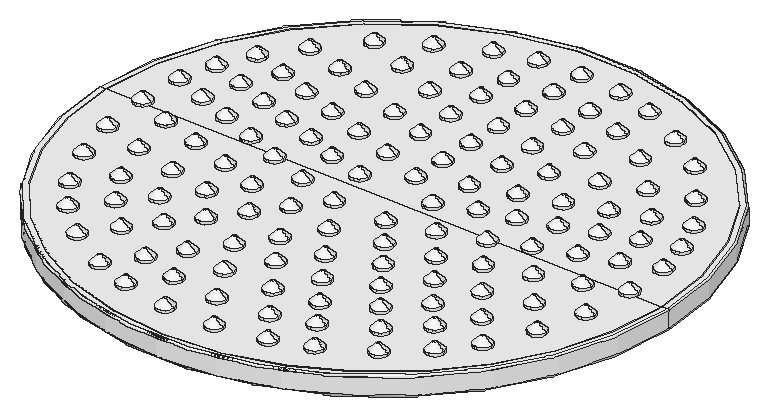
Revit family "Reece_Shower_Mizu_Drift_Overhead Shower_ABS Plastic_300 mm", category Plumbing Fixtures, host Face, Revit 2018
Family settings
  Host = Face
  Round Connector Dimension = Use Diameter
  Part Type = Normal
  Cut with Voids When Loaded = No
  Shared = No
  Room Calculation Point = No
Parameters (values of type "Chrome")
  WFU = 0  # constant formula
  URL = "https://www.reece.com.au/product/-9505909"
  Reece_Shower_Inlet = 15 mm  # constant formula
  Reece_Product_Web Page = "https://www.reece.com.au/product/-9505909"
  Reece_Product_Sub Brand = "Drift"  # constant formula
  Reece_Product_Number = "9505909"
  Reece_Product_Mount = "Ceiling Mounted"
  Reece_Product_Description = "Mizu Drift Overhead Shower 300mm ABS Chrome (3 Star)"
  Reece_Product_Brand = "Mizu"  # constant formula
  Reece_Overall_Height = 61 mm  # constant formula
  Reece_Overall-Diameter = 300 mm  # constant formula
  Reece_Material_Main = Reece_Brass_Chrome
  Reece_Detail_Material = "ABS Plastic"  # constant formula
  Reece_Detail_Disclaimer = "THIS FILE IS THE PROPERTY OF THE REECE GROUP. IT MAY NOT BE REPRODUCED, REVERSE-ENGINEERED OR MODIFIED. ANY REPUBLICATION, TRANSMISSION OR DISTRIBUTION FOR THE PURPOSE OF COMMERCIALLY EXPLOITING THE FILES IS PROHIBITED."  # constant formula
  Reece_Detail_Additional = "Overhead Shower"  # constant formula
  Model = "Drift"
  Manufacturer = "Mizu"
  Keynote = "Product #9505909, Reece_Shower_Mizu_Drift_Overhead Shower_ABS Plastic_300 mm - Chrome"
  HWFU = 0  # constant formula
  Disclaimer = "THIS FILE IS THE PROPERTY OF THE REECE GROUP. IT MAY NOT BE REPRODUCED, REVERSE-ENGINEERED OR MODIFIED. ANY REPUBLICATION, TRANSMISSION OR DISTRIBUTION FOR THE PURPOSE OF COMMERCIALLY EXPLOITING THE FILES IS PROHIBITED."  # constant formula
  Description = "Mizu Drift Overhead Shower 300mm ABS Chrome (3 Star)"
  Default Elevation = 0 mm
  CWFU = 0  # constant formula
Types (2, lengths in mm): name | URL | Reece_Product_Web Page | Reece_Product_Number | Reece_Product_Description | Reece_Material_Main | Keynote | Description
  Chrome | "https://www.reece.com.au/product/-9505909" | "https://www.reece.com.au/product/-9505909" | "9505909" | "Mizu Drift Overhead Shower 300mm ABS Chrome (3 Star)" | Reece_Brass_Chrome | "Product #9505909, Reece_Shower_Mizu_Drift_Overhead Shower_ABS Plastic_300 mm - Chrome" | "Mizu Drift Overhead Shower 300mm ABS Chrome (3 Star)"
  Matte Black | "https://www.reece.com.au/product/-9505916" | "https://www.reece.com.au/product/-9505916" | "9505916" | "Mizu Drift Overhead Shower 300mm ABS Matte Black (3 Star)" | Reece_Brass_Matte Black | "Product #9505916, Reece_Shower_Mizu_Drift_Overhead Shower_ABS Plastic_300 mm - Matte Black" | "Mizu Drift Overhead Shower 300mm ABS Matte Black (3 Star)"
Reference planes
  plane 1 "Center (Front/Back)": y = 0
  plane 2: z = 0
  plane 3 "Center (Left/Right)": x = 0
  plane 4: y = 150
  plane 5: y = -150
  plane 6: x = 150
  plane 7: x = -150
  plane 8: z = 61
  plane 9: y = 19
  plane 10: y = -19
Forms (mm)
  Revolve 1, solid, material "Reece_Brass_Chrome" <- "Reece_Material_Main"
    sketch origin (0, 0, -183.5) x (1, 0, 0) y (0, 0, 1)
      loop
        line (146.7, 240) -> (146.7, 232) -> (0, 232) -> (0, 192.5) -> (9.2, 192.5) -> (9.2, 183.5) -> (11.5, 183.5) -> (11.5, 201.514) -> (9, 202) -> (9, 204.5)
        arc (9, 204.5) -> (11.704, 205.319) -> (13.5, 207.5) r 4.875
        line (13.5, 207.5) -> (18, 207.5)
        arc (18, 207.5) -> (18.707, 207.793) -> (19, 208.5) r 1
        line (19, 208.5) -> (19, 222.5) -> (18.014, 222.5) -> (18.014, 223.5) -> (19, 223.5) -> (19, 227.914)
        arc (19, 227.914) -> (19.615, 229.399) -> (21.1, 230.014) r 2.1
        line (21.1, 230.014) -> (149.2, 230.014)
        arc (149.2, 230.014) -> (149.766, 230.248) -> (150, 230.814) r 0.8
        line (150, 230.814) -> (150, 239.2)
        arc (150, 239.2) -> (149.766, 239.766) -> (149.2, 240) r 0.8
        line (149.2, 240) -> (146.7, 240)
      loop
        line (0, 240) -> (0, 232.169) -> (146.3, 232.169) -> (146.3, 240) -> (0, 240)
      axis (0, 240) -> (0, 183.5)
    angle from 0 to 360
  Extrusion 2, void
    sketch origin (0, 0, 11.211) x (1, 0, 0) y (0, 0, 1)
      loop
        line (-4.039, 7.874) -> (-4.039, 0) -> (4.039, 0) -> (4.039, 7.874) -> (-4.039, 7.874)
    from 10.808 to 28
  Extrusion 3, void
    sketch origin (0, 0, 11.211) x (1, 0, 0) y (0, 0, -1)
      loop
        line (-4.039, -7.874) -> (4.039, -7.874) -> (4.039, 0) -> (-4.039, 0) -> (-4.039, -7.874)
    from 10.808 to 28
Cuts and joins
  Extrusion 2, Extrusion 3 cuts Revolve 1
Text (mm)
  text "Reece Copyright © 2018, Reece Ltd." at (-684.407, -223.434, 0), in view "Ref. Level"
  text "Reece Copyright © 2018, Reece Ltd." at (-193.367, 417.356, -558.507), in view "Reece_Preview"
Dimensions and locks
  equal spacing: plane 4, plane 1 "Center (Front/Back)", plane 5
  equal spacing: plane 7, plane 3 "Center (Left/Right)", plane 6
  "Reece_Overall-Diameter": plane 7 to plane 6
  plane 6 to plane 7 = 300 mm
  "Reece_Overall_Height": plane 8 to level
  "Reece_Overall-Diameter": plane 4 to plane 5
  plane 9 to plane 10 = 38 mm
  aligned and locked: plane 2 to host face
  aligned and locked: level to host face
Automatic sketch dimensions
  host sketch curve to host sketch curve = 366 mm  (x2)
  Revolve 1 sketch curve to plane 3 "Center (Left/Right)" = 0 mm  (x3)
  Revolve 1 sketch curve to level = 0 mm
  Revolve 1 sketch curve to plane 6 = 0 mm
  plane 3 "Center (Left/Right)" to Revolve 1 sketch curve = 9 mm
  plane 3 "Center (Left/Right)" to Revolve 1 sketch curve = 9.2 mm
  Revolve 1 sketch curve to Revolve 1 sketch curve = 2.3 mm
  Revolve 1 sketch curve to Revolve 1 sketch curve = 4.5 mm  (x2)
  Revolve 1 sketch curve to Revolve 1 sketch curve = 0.014 mm
  Revolve 1 sketch curve to Revolve 1 sketch curve = 0.986 mm  (x2)
  Revolve 1 sketch curve to Revolve 1 sketch curve = 2.1 mm
  Revolve 1 sketch curve to plane 6 = 3.7 mm
  Revolve 1 sketch curve to Revolve 1 sketch curve = 0.4 mm
  Revolve 1 sketch curve to plane 6 = 0.8 mm  (x2)
  level to Revolve 1 sketch curve = 9 mm
  Revolve 1 sketch curve to Revolve 1 sketch curve = 9.014 mm
  Revolve 1 sketch curve to Revolve 1 sketch curve = 0.486 mm
  Revolve 1 sketch curve to Revolve 1 sketch curve = 2.5 mm
  Revolve 1 sketch curve to Revolve 1 sketch curve = 5.986 mm
  Revolve 1 sketch curve to Revolve 1 sketch curve = 14 mm
  Revolve 1 sketch curve to Revolve 1 sketch curve = 1 mm
  Revolve 1 sketch curve to Revolve 1 sketch curve = 4.414 mm
  Revolve 1 sketch curve to Revolve 1 sketch curve = 1.186 mm
  Revolve 1 sketch curve to Revolve 1 sketch curve = 0.169 mm
  Revolve 1 sketch curve to plane 8 = 5.3 mm
  Revolve 1 sketch curve to plane 8 = 4.5 mm
  Revolve 1 sketch curve to level = 793.1 mm
  plane 8 to Revolve 1 sketch curve = 108.9 mm
  Extrusion 2 sketch curve to plane 3 "Center (Left/Right)" = 4.039 mm
  plane 3 "Center (Left/Right)" to Extrusion 2 sketch curve = 4.039 mm
  level to Extrusion 2 sketch curve = 11.211 mm
  Extrusion 2 sketch curve to Extrusion 2 sketch curve = 7.874 mm
  Extrusion 3 sketch curve to plane 3 "Center (Left/Right)" = 4.039 mm
  plane 3 "Center (Left/Right)" to Extrusion 3 sketch curve = 4.039 mm
  level to Extrusion 3 sketch curve = 19.085 mm
  Extrusion 3 sketch curve to Extrusion 3 sketch curve = 7.874 mm
Nested families
  nested 1: "Family2" at (0, 130.083, 56.5), type "Family2"
  nested 2: "Family2" at (0, 111.79, 56.5), type "Family2"
  nested 3: "Family2" at (0, 93.49, 56.5), type "Family2"
  nested 4: "Family2" at (0, 75.163, 56.5), type "Family2"
  nested 5: "Family2" at (0, 57.02, 56.5), type "Family2"
  nested 6: "Family2" at (0, 38.613, 56.5), type "Family2"
  nested 7: "Family2" at (0, 20.883, 56.5), type "Family2"
  nested 8: "Family2" at (21.597, 128.573, 56.5), type "Family2"
  nested 9: "Family2" at (41.121, 123.342, 56.5), type "Family2"
  nested 10: "Family2" at (21.514, 108.568, 56.5), type "Family2"
  nested 11: "Family2" at (41.389, 102.11, 56.5), type "Family2"
  nested 12: "Family2" at (63.726, 112.055, 56.5), type "Family2"
  nested 13: "Family2" at (21.538, 90.649, 56.5), type "Family2"
  nested 14: "Family2" at (21.538, 70.649, 56.5), type "Family2"
  nested 15: "Family2" at (21.538, 50.649, 56.5), type "Family2"
  nested 16: "Family2" at (21.538, 29.095, 56.5), type "Family2"
  nested 17: "Family2" at (19.303, 7.831, 56.5), type "Family2"
  nested 18: "Family2" at (54.213, 19.513, 56.5), type "Family2"
  nested 19: "Family2" at (71.549, 25.146, 56.5), type "Family2"
  nested 20: "Family2" at (88.371, 31.269, 56.5), type "Family2"
  nested 21: "Family2" at (105.386, 37.128, 56.5), type "Family2"
  nested 22: "Family2" at (122.666, 42.742, 56.5), type "Family2"
  nested 23: "Family2" at (127.532, 24.582, 56.5), type "Family2"
  nested 24: "Family2" at (110.035, 17.865, 56.5), type "Family2"
  nested 25: "Family2" at (92.646, 11.878, 56.5), type "Family2"
  nested 26: "Family2" at (74.134, 4.772, 56.5), type "Family2"
  nested 27: "Family2" at (56.108, -2.148, 56.5), type "Family2"
  nested 28: "Family2" at (35.217, -9.751, 56.5), type "Family2"
  nested 29: "Family2" at (13.55, -15.964, 56.5), type "Family2"
  nested 30: "Family2" at (24.663, -30.712, 56.5), type "Family2"
  nested 31: "Family2" at (48.481, -26.512, 56.5), type "Family2"
  nested 32: "Family2" at (68.012, -19.787, 56.5), type "Family2"
  nested 33: "Family2" at (88.966, -12.979, 56.5), type "Family2"
  nested 34: "Family2" at (109.918, -6.573, 56.5), type "Family2"
  nested 35: "Family2" at (128.328, 1.241, 56.5), type "Family2"
  nested 36: "Family2" at (126.055, -24.735, 56.5), type "Family2"
  nested 37: "Family2" at (104.228, -31.408, 56.5), type "Family2"
  nested 38: "Family2" at (81.597, -37.472, 56.5), type "Family2"
  nested 39: "Family2" at (60.072, -42.047, 56.5), type "Family2"
  nested 40: "Family2" at (95.198, -54.602, 56.5), type "Family2"
  nested 41: "Family2" at (119.455, -48.553, 56.5), type "Family2"
  nested 42: "Family2" at (108.89, -71.211, 56.5), type "Family2"
  nested 43: "Family2" at (72.109, -58.02, 56.5), type "Family2"
  nested 44: "Family2" at (84.176, -71.902, 56.5), type "Family2"
  nested 45: "Family2" at (96.762, -87.445, 56.5), type "Family2"
  nested 46: "Family2" at (79.485, -103.001, 56.5), type "Family2"
  nested 47: "Family2" at (68.417, -87.768, 56.5), type "Family2"
  nested 48: "Family2" at (57.069, -73.754, 56.5), type "Family2"
  nested 49: "Family2" at (46.126, -59.748, 56.5), type "Family2"
  nested 50: "Family2" at (35.358, -44.926, 56.5), type "Family2"
  nested 51: "Family2" at (11.889, -53.756, 56.5), type "Family2"
  nested 52: "Family2" at (23.193, -69.899, 56.5), type "Family2"
  nested 53: "Family2" at (34.855, -85.95, 56.5), type "Family2"
  nested 54: "Family2" at (45.199, -100.723, 56.5), type "Family2"
  nested 55: "Family2" at (56.64, -116.469, 56.5), type "Family2"
  nested 56: "Family2" at (37.513, -123.431, 56.5), type "Family2"
  nested 57: "Family2" at (25.22, -107.117, 56.5), type "Family2"
  nested 58: "Family2" at (12.723, -89.271, 56.5), type "Family2"
  nested 59: "Family2" at (-0.66, -35.591, 56.5), type "Family2"
  nested 60: "Family2" at (-0.66, -70.591, 56.5), type "Family2"
  nested 61: "Family2" at (-0.66, -109.529, 56.5), type "Family2"
  nested 62: "Family2" at (41.928, 35.72, 56.5), type "Family2"
  nested 63: "Family2" at (60.843, 41.866, 56.5), type "Family2"
  nested 64: "Family2" at (79.782, 48.387, 56.5), type "Family2"
  nested 65: "Family2" at (97.063, 54.677, 56.5), type "Family2"
  nested 66: "Family2" at (115.067, 60.181, 56.5), type "Family2"
  nested 67: "Family2" at (40.78, 57.628, 56.5), type "Family2"
  nested 68: "Family2" at (61.63, 64.807, 56.5), type "Family2"
  nested 69: "Family2" at (81.227, 72.329, 56.5), type "Family2"
  nested 70: "Family2" at (101.731, 78.209, 56.5), type "Family2"
  nested 71: "Family2" at (40.78, 80.92, 56.5), type "Family2"
  nested 72: "Family2" at (62.767, 90.253, 56.5), type "Family2"
  nested 73: "Family2" at (84.521, 99.042, 56.5), type "Family2"
  nested 74: "Family2" at (12.919, -128.211, 56.5), type "Family2"
  nested 75: "Family2" at (-21.597, 128.573, 56.5) x (-1, 0, 0) z (0, 0, 1), type "Family2"
  nested 76: "Family2" at (-41.121, 123.342, 56.5) x (-1, 0, 0) z (0, 0, 1), type "Family2"
  nested 77: "Family2" at (-21.514, 108.568, 56.5) x (-1, 0, 0) z (0, 0, 1), type "Family2"
  nested 78: "Family2" at (-41.389, 102.11, 56.5) x (-1, 0, 0) z (0, 0, 1), type "Family2"
  nested 79: "Family2" at (-63.726, 112.055, 56.5) x (-1, 0, 0) z (0, 0, 1), type "Family2"
  nested 80: "Family2" at (-21.538, 90.649, 56.5) x (-1, 0, 0) z (0, 0, 1), type "Family2"
  nested 81: "Family2" at (-21.538, 70.649, 56.5) x (-1, 0, 0) z (0, 0, 1), type "Family2"
  nested 82: "Family2" at (-21.538, 50.649, 56.5) x (-1, 0, 0) z (0, 0, 1), type "Family2"
  nested 83: "Family2" at (-21.538, 29.095, 56.5) x (-1, 0, 0) z (0, 0, 1), type "Family2"
  nested 84: "Family2" at (-19.303, 7.831, 56.5) x (-1, 0, 0) z (0, 0, 1), type "Family2"
  nested 85: "Family2" at (-54.213, 19.513, 56.5) x (-1, 0, 0) z (0, 0, 1), type "Family2"
  nested 86: "Family2" at (-71.549, 25.146, 56.5) x (-1, 0, 0) z (0, 0, 1), type "Family2"
  nested 87: "Family2" at (-88.371, 31.269, 56.5) x (-1, 0, 0) z (0, 0, 1), type "Family2"
  nested 88: "Family2" at (-105.386, 37.128, 56.5) x (-1, 0, 0) z (0, 0, 1), type "Family2"
  nested 89: "Family2" at (-122.666, 42.742, 56.5) x (-1, 0, 0) z (0, 0, 1), type "Family2"
  nested 90: "Family2" at (-127.532, 24.582, 56.5) x (-1, 0, 0) z (0, 0, 1), type "Family2"
  nested 91: "Family2" at (-110.035, 17.865, 56.5) x (-1, 0, 0) z (0, 0, 1), type "Family2"
  nested 92: "Family2" at (-92.646, 11.878, 56.5) x (-1, 0, 0) z (0, 0, 1), type "Family2"
  nested 93: "Family2" at (-74.134, 4.772, 56.5) x (-1, 0, 0) z (0, 0, 1), type "Family2"
  nested 94: "Family2" at (-56.108, -2.148, 56.5) x (-1, 0, 0) z (0, 0, 1), type "Family2"
  nested 95: "Family2" at (-35.217, -9.751, 56.5) x (-1, 0, 0) z (0, 0, 1), type "Family2"
  nested 96: "Family2" at (-13.55, -15.964, 56.5) x (-1, 0, 0) z (0, 0, 1), type "Family2"
  nested 97: "Family2" at (-24.663, -30.712, 56.5) x (-1, 0, 0) z (0, 0, 1), type "Family2"
  nested 98: "Family2" at (-48.481, -26.512, 56.5) x (-1, 0, 0) z (0, 0, 1), type "Family2"
  nested 99: "Family2" at (-68.012, -19.787, 56.5) x (-1, 0, 0) z (0, 0, 1), type "Family2"
  nested 100: "Family2" at (-88.966, -12.979, 56.5) x (-1, 0, 0) z (0, 0, 1), type "Family2"
  nested 101: "Family2" at (-109.918, -6.573, 56.5) x (-1, 0, 0) z (0, 0, 1), type "Family2"
  nested 102: "Family2" at (-128.328, 1.241, 56.5) x (-1, 0, 0) z (0, 0, 1), type "Family2"
  nested 103: "Family2" at (-126.055, -24.735, 56.5) x (-1, 0, 0) z (0, 0, 1), type "Family2"
  nested 104: "Family2" at (-104.228, -31.408, 56.5) x (-1, 0, 0) z (0, 0, 1), type "Family2"
  nested 105: "Family2" at (-81.597, -37.472, 56.5) x (-1, 0, 0) z (0, 0, 1), type "Family2"
  nested 106: "Family2" at (-60.072, -42.047, 56.5) x (-1, 0, 0) z (0, 0, 1), type "Family2"
  nested 107: "Family2" at (-95.198, -54.602, 56.5) x (-1, 0, 0) z (0, 0, 1), type "Family2"
  nested 108: "Family2" at (-119.455, -48.553, 56.5) x (-1, 0, 0) z (0, 0, 1), type "Family2"
  nested 109: "Family2" at (-108.89, -71.211, 56.5) x (-1, 0, 0) z (0, 0, 1), type "Family2"
  nested 110: "Family2" at (-72.109, -58.02, 56.5) x (-1, 0, 0) z (0, 0, 1), type "Family2"
  nested 111: "Family2" at (-84.176, -71.902, 56.5) x (-1, 0, 0) z (0, 0, 1), type "Family2"
  nested 112: "Family2" at (-96.762, -87.445, 56.5) x (-1, 0, 0) z (0, 0, 1), type "Family2"
  nested 113: "Family2" at (-79.485, -103.001, 56.5) x (-1, 0, 0) z (0, 0, 1), type "Family2"
  nested 114: "Family2" at (-68.417, -87.768, 56.5) x (-1, 0, 0) z (0, 0, 1), type "Family2"
  nested 115: "Family2" at (-57.069, -73.754, 56.5) x (-1, 0, 0) z (0, 0, 1), type "Family2"
  nested 116: "Family2" at (-46.126, -59.748, 56.5) x (-1, 0, 0) z (0, 0, 1), type "Family2"
  nested 117: "Family2" at (-35.358, -44.926, 56.5) x (-1, 0, 0) z (0, 0, 1), type "Family2"
  nested 118: "Family2" at (-11.889, -53.756, 56.5) x (-1, 0, 0) z (0, 0, 1), type "Family2"
  nested 119: "Family2" at (-23.193, -69.899, 56.5) x (-1, 0, 0) z (0, 0, 1), type "Family2"
  nested 120: "Family2" at (-34.855, -85.95, 56.5) x (-1, 0, 0) z (0, 0, 1), type "Family2"
  nested 121: "Family2" at (-45.199, -100.723, 56.5) x (-1, 0, 0) z (0, 0, 1), type "Family2"
  nested 122: "Family2" at (-56.64, -116.469, 56.5) x (-1, 0, 0) z (0, 0, 1), type "Family2"
  nested 123: "Family2" at (-37.513, -123.431, 56.5) x (-1, 0, 0) z (0, 0, 1), type "Family2"
  nested 124: "Family2" at (-25.22, -107.117, 56.5) x (-1, 0, 0) z (0, 0, 1), type "Family2"
  nested 125: "Family2" at (-12.723, -89.271, 56.5) x (-1, 0, 0) z (0, 0, 1), type "Family2"
  nested 126: "Family2" at (-41.928, 35.72, 56.5) x (-1, 0, 0) z (0, 0, 1), type "Family2"
  nested 127: "Family2" at (-60.843, 41.866, 56.5) x (-1, 0, 0) z (0, 0, 1), type "Family2"
  nested 128: "Family2" at (-79.782, 48.387, 56.5) x (-1, 0, 0) z (0, 0, 1), type "Family2"
  nested 129: "Family2" at (-97.063, 54.677, 56.5) x (-1, 0, 0) z (0, 0, 1), type "Family2"
  nested 130: "Family2" at (-115.067, 60.181, 56.5) x (-1, 0, 0) z (0, 0, 1), type "Family2"
  nested 131: "Family2" at (-40.78, 57.628, 56.5) x (-1, 0, 0) z (0, 0, 1), type "Family2"
  nested 132: "Family2" at (-61.63, 64.807, 56.5) x (-1, 0, 0) z (0, 0, 1), type "Family2"
  nested 133: "Family2" at (-81.227, 72.329, 56.5) x (-1, 0, 0) z (0, 0, 1), type "Family2"
  nested 134: "Family2" at (-101.731, 78.209, 56.5) x (-1, 0, 0) z (0, 0, 1), type "Family2"
  nested 135: "Family2" at (-40.78, 80.92, 56.5) x (-1, 0, 0) z (0, 0, 1), type "Family2"
  nested 136: "Family2" at (-62.767, 90.253, 56.5) x (-1, 0, 0) z (0, 0, 1), type "Family2"
  nested 137: "Family2" at (-84.521, 99.042, 56.5) x (-1, 0, 0) z (0, 0, 1), type "Family2"
  nested 138: "Family2" at (-12.919, -128.211, 56.5) x (-1, 0, 0) z (0, 0, 1), type "Family2"
  nested 139: "Family2" at (37.475, 15.028, 56.5), type "Family2"
  nested 140: "Family2" at (-37.767, 12.869, 56.5) x (-1, 0, 0) z (0, 0, 1), type "Family2"
Connectors
  piping at (0, 0, 0), diameter 15, driven by "Reece_Shower_Inlet"
    settings: on cut or joined group of Revolve 1, Extrusion 2, Extrusion 3, index 1, connector inside diameter 609.6 mm, connector length 0 mm, flow factor 0, pipe flow 0.0 L/s, pressure drop 0.0 Pa, fitting loss kfactor 0, connector angle 0.00°, fixture units 0, engagement length 0 mm, angle of deflection 0.00°, flow configuration 0, flow direction 1, fitting loss method 0, system type 29, joint type 0, gender type 0, connector reference index -1, connector utility 0, adjustable connector no, is connector primary yes, connector description ""
Definition of nested family "Family2"
  Parameters (values of type "Family2")
    Reece_Material_Main = none
  Reference planes
    plane 1 "Center (Front/Back)": y = 0
    plane 2: z = 0
    plane 3 "Center (Left/Right)": x = 0
  Forms (mm)
    Revolve 1, solid, material <- "Reece_Material_Main", detail levels fine
      sketch origin (0, 0, 0) x (1, 0, 0) y (0, 0, 1)
        loop
          line (4.5, 0) -> (4.5, 1) -> (0.8, 4.5) -> (0, 4.5) -> (0, 0) -> (4.5, 0)
        axis (0, 0) -> (0, 4.5)
      angle from 0 to 360
  Dimensions and locks
    aligned and locked: level to plane 2
